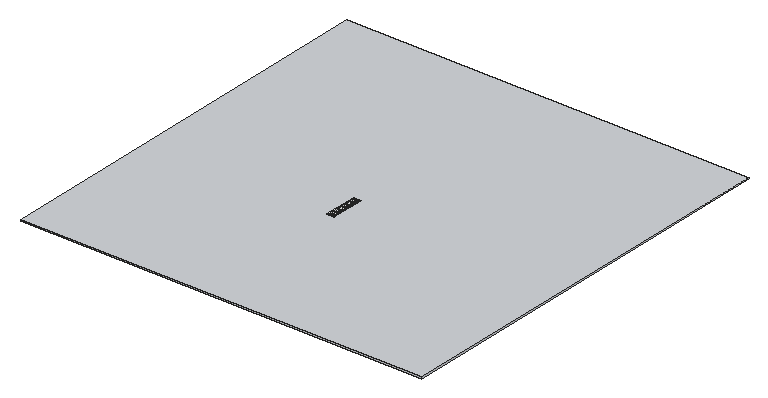
Revit family "xZumtobel SUI DF6", category Lighting Fixtures, host Face, Revit 2016
Family settings
  Host = Face
  Part Type = Normal
  Round Connector Dimension = Use Diameter
  OmniClass Number = 23.80.70.11
  OmniClass Title = Luminaries for Internal Lighting
  Cut with Voids When Loaded = No
  Light Source = Yes
  Shared = No
  Room Calculation Point = No
Parameters (values of type "SUI DF6")
  Width = 50 mm  # constant formula
  Wattage Comments = ""
  Wattage = 13.4911 W
  built-in parameter 1150110 = 1 (stored number, unit not read)
  Voltage = 230 V
  URL = "http://www.zumtobel.com/60210988"
  Type Comments = "© Zumtobel. We reserve the right to make technical changes without prior notice."  # constant formula
  built-in parameter 1114217 = 1 (stored number, unit not read)
  Tilt Angle = -90.00°
  built-in parameter 1150109 = 1 (stored number, unit not read)
  built-in parameter 1150134 = (empty or 0)
  built-in parameter 1150113 = 1 (stored number, unit not read)
  Photometric Web File = "60210988_(STD_LEO).IES"
  Model = "60210988"
  Manufacturer = "Zumtobel Lighting"  # constant formula
  built-in parameter 1150105 = 159.47 (stored number, unit not read)
  Lumens = 2004 lm
  built-in parameter 1150115 = 1 (stored number, unit not read)
  built-in parameter 1150137 = (empty or 0)
  built-in parameter 1150139 = (empty or 0)
  Length = 230 mm  # constant formula
  built-in parameter 1150112 = 1 (stored number, unit not read)
  built-in parameter 1150114 = 1 (stored number, unit not read)
  Lamp = "LED"
  built-in parameter 1150132 = 2
  built-in parameter 1150102 = (empty or 0)
  built-in parameter 1150107 = 3000 (stored number, unit not read)
  built-in parameter 1150138 = (empty or 0)
  built-in parameter 1150106 = 1.5947 (stored number, unit not read)
  Height = 49 mm  # constant formula
  Emit from Rectangle Width = Length  # 230 mm
  Emit from Rectangle Length = Width  # 50 mm
  Emit Shape Visible in Rendering = no
  built-in parameter 1150104 = 13.8 (stored number, unit not read)
  Dimming Lamp Color Temperature Shift = <None>
  Description = "LED ceiling luminaire"  # constant formula
  Default Elevation = 0 mm
  Reflector [instance] = Zumtobel_Metal_Black
  Color Filter = 16777215
  Body [instance] = Zumtobel_Metal_White
  built-in parameter 1114218 = 1 (stored number, unit not read)
  built-in parameter 1150133 = 10 (stored number, unit not read)
  Assembly Code = "D5020200"
  Apparent Load = 25 VA
Reference planes
  plane 1 "Cover": y = 0
  plane 2 "Ceiling": z = 0
  plane 3 "Center (Left/Right)": x = 399.5
  plane 4: z = -47
  plane 5: z = -100
  plane 6 "Back": y = 161.5
  plane 7 "Front": y = -58.5
  plane 8 "Right": x = 417.5
  plane 9 "Left": x = 381.5
  plane 10: x = 374.5
  plane 11: x = 424.5
  plane 12 "Top": z = 2.2
  plane 13 "Interior Face": z = -11.146
  plane 14: z = -13.146
  plane 15 "Center (Front/Back)": y = 51.5
Forms (mm)
  Extrusion 1, solid
    sketch origin (116.179, 575, 0) x (1, 0, 0) y (0, 1, 0)
      loop
        line (-1016.679, 1125) -> (-1016.679, -1737.29) -> (1803.321, -1737.29) -> (1803.321, 1125) -> (-1016.679, 1125)
    from 0 to -10
  Extrusion 2, void
    sketch origin (0, 0, 0) x (1, 0, 0) y (0, 1, 0)
      loop
        line (417.5, -58.5) -> (417.5, 161.5) -> (381.5, 161.5) -> (381.5, -58.5) -> (417.5, -58.5)
    from 0 to -100
  Extrusion 3, solid, material "Zumtobel_Metal_White" <- "Body"
    sketch origin (0, 0, 0) x (1, 0, 0) y (0, 1, 0)
      loop
        line (374.5, -64.5) -> (424.5, -64.5) -> (424.5, 167.5) -> (374.5, 167.5) -> (374.5, -64.5)
      loop
        line (415.443, 159.554) -> (383.557, 159.554) -> (383.557, -56.553) -> (415.443, -56.553) -> (415.443, 159.554)
    from 0 to 2.2
  Extrusion 4, solid, material "Zumtobel_Metal_White" <- "Body"
    sketch origin (0, 0, 0) x (1, 0, 0) y (0, 0, 1)
      loop
        line (381.5, 0) -> (381.5, -47) -> (383.557, -47) -> (383.557, -30.55) -> (415.443, -30.55) -> (415.443, -47) -> (417.5, -47) -> (417.5, 0) -> (415.443, 0) -> (415.443, -29.076) -> (383.557, -29.076) -> (383.557, 0) -> (381.5, 0)
    from 58.5 to -161.5
  Extrusion 5, solid, material "Zumtobel_Metal_White" <- "Body"
    sketch origin (0, 0, 0) x (1, 0, 0) y (0, 0, 1)
      loop
        line (381.5, -30.55) -> (417.5, -30.55) -> (417.5, 0) -> (381.5, 0) -> (381.5, -30.55)
    from -159.554 to -161.5
  Extrusion 6, solid, material "Zumtobel_Metal_White" <- "Body"
    sketch origin (0, 0, 0) x (1, 0, 0) y (0, 1, 0)
      loop
        line (384.5, -20) -> (384.5, -50) -> (414.5, -50) -> (414.5, -20) -> (384.5, -20)
      loop
        line (384.5, 15) -> (384.5, -15) -> (414.5, -15) -> (414.5, 15) -> (384.5, 15)
      loop
        line (384.5, 50) -> (384.5, 20) -> (414.5, 20) -> (414.5, 50) -> (384.5, 50)
      loop
        line (384.5, 85) -> (384.5, 55) -> (414.5, 55) -> (414.5, 85) -> (384.5, 85)
      loop
        line (384.5, 120) -> (384.5, 90) -> (414.5, 90) -> (414.5, 120) -> (384.5, 120)
      loop
        line (384.5, 155) -> (384.5, 125) -> (414.5, 125) -> (414.5, 155) -> (384.5, 155)
    from 0 to -13.146
  Blend 7, void
    base sketch origin (0, 105, 0) x (1, 0, 0) y (0, 1, 0)
      loop
        line (386.5, -127) -> (386.5, -153) -> (412.5, -153) -> (412.5, -127) -> (386.5, -127)
    top sketch origin (0, 105, 0) x (1, 0, 0) y (0, 1, 0)
      loop
        line (390.027, -130.527) -> (390.027, -149.473) -> (408.973, -149.473) -> (408.973, -130.527) -> (390.027, -130.527)
    from 0 to -11.146
  Blend 8, void
    base sketch origin (0, 140, 0) x (1, 0, 0) y (0, 1, 0)
      loop
        line (386.5, -127) -> (386.5, -153) -> (412.5, -153) -> (412.5, -127) -> (386.5, -127)
    top sketch origin (0, 140, 0) x (1, 0, 0) y (0, 1, 0)
      loop
        line (390.027, -130.527) -> (390.027, -149.473) -> (408.973, -149.473) -> (408.973, -130.527) -> (390.027, -130.527)
    from 0 to -11.146
  Blend 9, void
    base sketch origin (0, 175, 0) x (1, 0, 0) y (0, 1, 0)
      loop
        line (386.5, -127) -> (386.5, -153) -> (412.5, -153) -> (412.5, -127) -> (386.5, -127)
    top sketch origin (0, 175, 0) x (1, 0, 0) y (0, 1, 0)
      loop
        line (390.027, -130.527) -> (390.027, -149.473) -> (408.973, -149.473) -> (408.973, -130.527) -> (390.027, -130.527)
    from 0 to -11.146
  Blend 10, void
    base sketch origin (0, 210, 0) x (1, 0, 0) y (0, 1, 0)
      loop
        line (386.5, -127) -> (386.5, -153) -> (412.5, -153) -> (412.5, -127) -> (386.5, -127)
    top sketch origin (0, 210, 0) x (1, 0, 0) y (0, 1, 0)
      loop
        line (390.027, -130.527) -> (390.027, -149.473) -> (408.973, -149.473) -> (408.973, -130.527) -> (390.027, -130.527)
    from 0 to -11.146
  Blend 11, void
    base sketch origin (0, 245, 0) x (1, 0, 0) y (0, 1, 0)
      loop
        line (386.5, -127) -> (386.5, -153) -> (412.5, -153) -> (412.5, -127) -> (386.5, -127)
    top sketch origin (0, 245, 0) x (1, 0, 0) y (0, 1, 0)
      loop
        line (390.027, -130.527) -> (390.027, -149.473) -> (408.973, -149.473) -> (408.973, -130.527) -> (390.027, -130.527)
    from 0 to -11.146
  Blend 12, void
    base sketch origin (0, 280, 0) x (1, 0, 0) y (0, 1, 0)
      loop
        line (386.5, -127) -> (386.5, -153) -> (412.5, -153) -> (412.5, -127) -> (386.5, -127)
    top sketch origin (0, 280, 0) x (1, 0, 0) y (0, 1, 0)
      loop
        line (390.027, -130.527) -> (390.027, -149.473) -> (408.973, -149.473) -> (408.973, -130.527) -> (390.027, -130.527)
    from 0 to -11.146
  Extrusion 13, void
    sketch origin (0, 0, -11.146) x (-1, 0, 0) y (0, -1, 0)
      loop
        circle (-399.5, -140) r 9.473
      loop
        circle (-399.5, -105) r 9.473
      loop
        circle (-399.5, -70) r 9.473
      loop
        circle (-399.5, -35) r 9.473
      loop
        circle (-399.5, 0) r 9.473
      loop
        circle (-399.5, 35) r 9.473
    from 0 to -2
  Extrusion 14, solid, material "Zumtobel_Cover_Self_llumination_Opaque"
    sketch origin (0, 0, -11.146) x (-1, 0, 0) y (0, -1, 0)
      loop
        circle (-399.5, -140) r 9.473
      loop
        circle (-399.5, -105) r 9.473
      loop
        circle (-399.5, -70) r 9.473
      loop
        circle (-399.5, -35) r 9.473
      loop
        circle (-399.5, 0) r 9.473
      loop
        circle (-399.5, 35) r 9.473
    from 0 to -2
  Extrusion 15, solid, material "Zumtobel_Metal_White" <- "Body"
    sketch origin (0, 103, 0) x (1, 0, 0) y (0, 0, 1)
      loop
        line (381.5, -30.55) -> (417.5, -30.55) -> (417.5, 0) -> (381.5, 0) -> (381.5, -30.55)
    from 161.5 to 159.554
Cuts and joins
  Extrusion 13 cuts Extrusion 3
  Extrusion 13 cuts Extrusion 4
  Extrusion 13 cuts Extrusion 5
  joined: Extrusion 3, Extrusion 4, Extrusion 5
  Blend 7, Blend 8, Blend 9, Blend 10, Blend 11, Blend 12, Extrusion 13 cuts Extrusion 6
Dimensions and locks
  locked: plane 12 "Top" to plane 2 "Ceiling" at 2.2
  plane 12 "Top" to plane 13 "Interior Face" to plane 14 to plane 4 to plane 5 = 13.346 mm locked, 2 mm locked, 33.854 mm locked, 53 mm locked
  aligned and locked: Extrusion 1 to plane 2 "Ceiling"
  aligned and locked: Extrusion 1 to level
  aligned and locked: Extrusion 2 sketch curve to plane 7 "Front"
  aligned and locked: Extrusion 2 sketch curve to plane 6 "Back"
  aligned and locked: Extrusion 2 sketch curve to plane 8 "Right"
  aligned and locked: plane 9 "Left" to Extrusion 2 sketch curve
  aligned and locked: Extrusion 2 to plane 5
  aligned and locked: plane 12 "Top" to Extrusion 3
  aligned and locked: Extrusion 6 to plane 14
  aligned and locked: Extrusion 14 to plane 14
  aligned and locked: plane 7 "Front" to Extrusion 4
  aligned and locked: imposter light to plane 12 "Top"
  aligned and locked: imposter light to plane 15 "Center (Front/Back)"
Connectors
  electrical at (399.5, 51.5, 2.2), driven by "Apparent Load", driven by "Voltage"
    settings: on cut or joined group of Extrusion 3, Extrusion 4, Extrusion 5, Extrusion 13, index 1, voltage 230 V, apparent load 25 VA, apparent load phase1 0 VA, apparent load phase2 0 VA, apparent load phase3 0 VA, power factor 1, load classification "Lighting", number of poles 1, system type 30, power factor state 1, is connector primary yes, connector utility no, sub classification motor no, connector description "Power"
